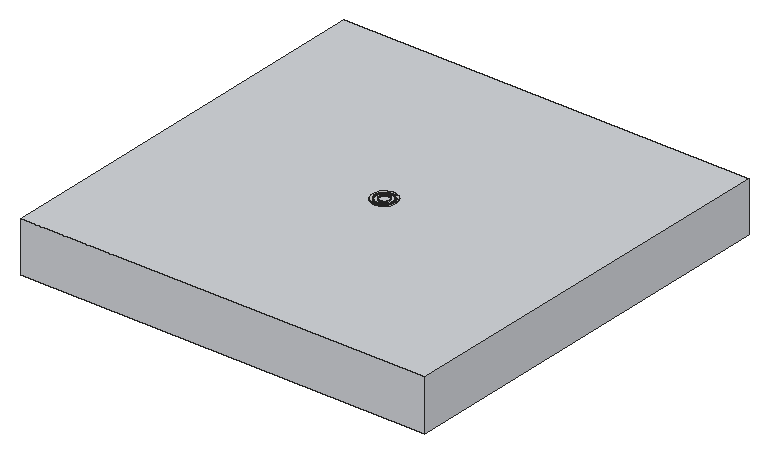
Revit family "LAMP_HANCE DOWNLIGHT RECESSED MEDIUM FLOOD 1000_2000 (DALI)", category Modelos genéricos, Revit 2015
Parameters (values of type "740LM 4000K 1000 BLACK")
  Weight = 0.72 kg
  Type = "COB PHILIPS"
  Tilting [instance] = if(Tilt < 0.00°, 180.00°, if(Tilt > 30.00°, 210.00°, Tilt + 180.00°))  # 180.00°
  Tilt [instance] = 0.00°
  Recessed diameter = 132 mm
  Protection rating = "IP20"
  Product datasheet = "http://www.lamp.es/product-files/TECH/HD1RE10MF840DBB-EN.pdf"
  Product code = "HD1RE10MF840DBB"
  Product URL = "https://www.lamp.es/en/family/hance-downlight_196363"
  Power Supply = "220-240V 50/60Hz"
  Power = 7 W
  Plum = 7.6 W
  Photometric web file = Cuerpo Hance BASE (tilting)_MF : 740LM 4000K 1000 BLACK
  Modelo = Product code  # "HD1RE10MF840DBB"
  Model explanation = "Availability of tilting between 0º and 30º when placed in a project."
  Material interior aro = LAMP_Aluminio Hance Negro
  Material aro = LAMP_Aluminio Hance Negro
  Manufacturer name = "LAMP"
  Manufacturer country = "Spain"
  Manufacturer URL = "http://www.lamp.es/en"
  MacAdam = "3"
  Luminaire type = "Indoor - Recessed downlight"
  Last update = "22/11/2019"
  Lamp = "COB LED"
  LED Lifetime = "50.000 L80 B10"
  Insulation class = "II"
  Installation instructions = "https://www.lamp.es/product-files/INS/1004410-B-INSTR.%20DE%20MONTAJE%20HANCE%20DOWNLIGHT.pdf"
  Initial intensity = 740 lm
  Initial color = 4000 K
  IEE = "A+"
  Gear = "Adjustable DALI"
  Finish = "Texturised black RAL 9011"
  Fabricante = Manufacturer name  # "LAMP"
  Default Elevation = 1219.2 mm
  Efficacy = 97.37 lm/W
  Diameter = 143 mm
  Descripción = "HANCE DOWN REC 1000 NW MFL DALI BK."
  Decorative ring [instance] = Aro decorativo (tilting) : Black
  Comentarios de tipo = Model explanation  # "Availability of tilting between 0º and 30º when placed in a project."
  CRI = "80"
Types (8, lengths in mm): name | Product datasheet | Product code | Power | Plum | Photometric web file | Modelo | Material aro | Initial intensity | Initial color | Finish | Efficacy | Descripción
  740LM 4000K 1000 BLACK | "http://www.lamp.es/product-files/TECH/HD1RE10MF840DBB-EN.pdf" | "HD1RE10MF840DBB" | 7 W | 7.6 W | Cuerpo Hance BASE (tilting)_MF : 740LM 4000K 1000 BLACK | "HD1RE10MF840DBB" | LAMP_Aluminio Hance Negro | 740 lm | 4000 K | "Texturised black RAL 9011" | 97.37 lm/W | "HANCE DOWN REC 1000 NW MFL DALI BK."
  740LM 4000K 1000 WHITE | "http://www.lamp.es/product-files/TECH/HD1RE10MF840DBW-EN.pdf" | "HD1RE10MF840DBW" | 7 W | 7.6 W | Cuerpo Hance BASE (tilting)_MF : 740LM 4000K 1000 WHITE | "HD1RE10MF840DBW" | LAMP_Aluminio Hance Blanco | 740 lm | 4000 K | "Texturised white RAL 9010" | 97.37 lm/W | "HANCE DOWN REC 1000 NW MFL DALI WH."
  806LM 3000K 1000 BLACK | "http://www.lamp.es/product-files/TECH/HD1RE10MF830DBB-EN.pdf" | "HD1RE10MF830DBB" | 7 W | 7.7 W | Cuerpo Hance BASE (tilting)_MF : 806LM 3000K 1000 BLACK | "HD1RE10MF830DBB" | LAMP_Aluminio Hance Negro | 806 lm | 3000 K | "Texturised black RAL 9011" | 104.71 lm/W | "HANCE DOWN REC 1000 WW MFL DALI BK."
  806LM 3000K 1000 WHITE | "http://www.lamp.es/product-files/TECH/HD1RE10MF830DBW-EN.pdf" | "HD1RE10MF830DBW" | 7 W | 7.7 W | Cuerpo Hance BASE (tilting)_MF : 806LM 3000K 1000 WHITE | "HD1RE10MF830DBW" | LAMP_Aluminio Hance Blanco | 806 lm | 3000 K | "Texturised white RAL 9010" | 104.71 lm/W | "HANCE DOWN REC 1000 WW MFL DALI WH."
  1606LM 4000K 2000 BLACK | "http://www.lamp.es/product-files/TECH/HD1RE20MF840DBB-EN.pdf" | "HD1RE20MF840DBB" | 18 W | 20.6 W | Cuerpo Hance BASE (tilting)_MF : 1606LM 4000K 2000 BLACK | "HD1RE20MF840DBB" | LAMP_Aluminio Hance Negro | 1606 lm | 4000 K | "Texturised black RAL 9011" | 77.96 lm/W | "HANCE DOWN REC 2000 NW MFL DALI BK."
  1606LM 4000K 2000 WHITE | "http://www.lamp.es/product-files/TECH/HD1RE20MF840DBW-EN.pdf" | "HD1RE20MF840DBW" | 18 W | 20.6 W | Cuerpo Hance BASE (tilting)_MF : 1606LM 4000K 2000 WHITE | "HD1RE20MF840DBW" | LAMP_Aluminio Hance Blanco | 1606 lm | 4000 K | "Texturised white RAL 9010" | 77.96 lm/W | "HANCE DOWN REC 2000 NW MFL DALI WH."
  1760LM 3000K 2000 BLACK | "http://www.lamp.es/product-files/TECH/HD1RE20MF830DBB-EN.pdf" | "HD1RE20MF830DBB" | 18 W | 20.7 W | Cuerpo Hance BASE (tilting)_MF : 1760LM 3000K 2000 BLACK | "HD1RE20MF830DBB" | LAMP_Aluminio Hance Negro | 1760 lm | 3000 K | "Texturised black RAL 9011" | 85.01 lm/W | "HANCE DOWN REC 2000 WW MFL DALI BK."
  1760LM 3000K 2000 WHITE | "http://www.lamp.es/product-files/TECH/HD1RE20MF830DBW-EN.pdf" | "HD1RE20MF830DBW" | 18 W | 20.7 W | Cuerpo Hance BASE (tilting)_MF : 1760LM 3000K 2000 WHITE | "HD1RE20MF830DBW" | LAMP_Aluminio Hance Blanco | 1760 lm | 3000 K | "Texturised white RAL 9010" | 85.01 lm/W | "HANCE DOWN REC 2000 WW MFL DALI WH."
Reference planes
  plane 1 "Centro (Frontal/Posterior)": y = 0
  plane 2: z = 0
  plane 3 "Centro (Izquierda/Derecha)": x = 0
Forms (mm)
  Extrusion 1, solid
    sketch origin (0, 0, 0) x (1, 0, 0) y (0, 1, 0)
      loop
        line (-1219.2, 1219.2) -> (-1219.2, -1219.2) -> (1219.2, -1219.2) -> (1219.2, 1219.2) -> (-1219.2, 1219.2)
    from 0 to -304.8
  Revolve 2, solid, material "LAMP_Aluminio Hance Negro" <- "Material aro"
    sketch origin (0, 0, 0) x (1, 0, 0) y (0, 0, 1)
      loop
        line (71.4, 0) -> (71.4, 1) -> (56.5, 1) -> (56.5, -70) -> (64.5, -70) -> (64.5, -69) -> (59, -69) -> (59, 0) -> (71.4, 0)
      axis (0, 1) -> (0, -70)
    angle from 0 to 360
  Revolve 3, solid, material "LAMP_Aluminio Hance Negro" <- "Material interior aro"
    sketch origin (0, 0, 0) x (1, 0, 0) y (0, 0, 1)
      loop
        arc (51.874, -0.646) -> (51.598, -1.016) -> (51.498, -1.466) r 1.1
        arc (51.498, -1.466) -> (49.354, -17.889) -> (43.277, -33.297) r 67.535
        arc (43.277, -33.297) -> (42.922, -33.665) -> (42.43, -33.8) r 0.965
        line (42.43, -33.8) -> (0, -33.8) -> (0, -34.8) -> (42.43, -34.8)
        arc (42.43, -34.8) -> (42.922, -34.665) -> (43.277, -34.297) r 0.965
        arc (43.277, -34.297) -> (49.354, -18.889) -> (51.498, -2.466) r 67.535
        arc (51.498, -2.466) -> (51.598, -2.016) -> (51.874, -1.646) r 1.1
        arc (51.874, -1.646) -> (53.912, -0.425) -> (56.25, 0) r 6.641
        line (56.25, 0) -> (56.25, 1)
        arc (56.25, 1) -> (53.912, 0.575) -> (51.874, -0.646) r 6.641
      axis (0, 1) -> (0, -34.8)
    angle from 0 to 360
  Extrusion 4, void
    sketch origin (0, 0, 0) x (1, 0, 0) y (0, 1, 0)
      loop
        line (7.1, 33.5) -> (-7.105, 33.5)
        arc (-7.105, 33.5) -> (-40.605, 0) -> (-7.105, -33.5) r 33.5
        line (-7.105, -33.5) -> (7.1, -33.5)
        arc (7.1, -33.5) -> (40.6, 0) -> (7.1, 33.5) r 33.5
    from -41.216 to -28.478
Cuts and joins
  Extrusion 4 cuts Revolve 3
Text (mm)
  text "Any modification of the parameters and properties of the LAMP BIM models must be executed and validated by the LAMP technical department.\n\nPhone: +34 93 736 68 00\n\nE-mail: lamp@lamp.es\n\n\n\nLAMP reserves the right to modify the technical specifications of its products." at (39771.841, -40794.867, 40621.237), in view "Preview"
Dimensions and locks
  aligned and locked: plane 2 to Extrusion 1
  aligned and locked: level to Extrusion 1
Nested families
  nested 1: "Cuerpo Hance BASE (tilting)_MF" at (0, 1.967, -41.662), type <- "Photometric web file", type "740LM 4000K 1000 BLACK"
    with Tilting 180.00°
  nested 2: "Aro decorativo (tilting)" at (-27.9, 0, -89.982), type <- "Decorative ring", type "Black"
    with Tilting 0.00°
Connectors
  electrical at (-16.363, 0, -133)
    settings: on nested 1, index 1, voltage 230 V, apparent load 0 VA, apparent load phase1 0 VA, apparent load phase2 0 VA, apparent load phase3 0 VA, power factor 1, load classification "Otro", number of poles 1, system type 31, power factor state 1, is connector primary yes, connector utility no, sub classification motor no, connector description ""
Definition of nested family "Cuerpo Hance BASE (tilting)_MF"
  Parameters (values of type "740LM 4000K 1000 BLACK")
    Tilting = 90.00°
    Photometric web file = Cuerpo Hance BASE_MF : 740LM 4000K 1000 BLACK
    Longitud cuerpo = 135 mm
    Default Elevation = 1219.2 mm
  Types (17, lengths in mm): name | Photometric web file
    (no name) | Cuerpo Hance BASE_MF : 740LM 4000K 1000 BLACK
    740LM 4000K 1000 BLACK | Cuerpo Hance BASE_MF : 740LM 4000K 1000 BLACK
    740LM 4000K 1000 WHITE | Cuerpo Hance BASE_MF : 740LM 4000K 1000 WHITE
    806LM 3000K 1000 BLACK | Cuerpo Hance BASE_MF : 806LM 3000K 1000 BLACK
    806LM 3000K 1000 WHITE | Cuerpo Hance BASE_MF : 806LM 3000K 1000 WHITE
    1606LM 4000K 2000 BLACK | Cuerpo Hance BASE_MF : 1606LM 4000K 2000 BLACK
    1606LM 4000K 2000 WHITE | Cuerpo Hance BASE_MF : 1606LM 4000K 2000 WHITE
    1760LM 3000K 2000 BLACK | Cuerpo Hance BASE_MF : 1760LM 3000K 2000 BLACK
    1760LM 3000K 2000 WHITE | Cuerpo Hance BASE_MF : 1760LM 3000K 2000 WHITE
    2744LM 4000K 3000 BLACK | Cuerpo Hance BASE_MF : 2744LM 4000K 3000 BLACK
    2744LM 4000K 3000 WHITE | Cuerpo Hance BASE_MF : 2744LM 4000K 3000 WHITE
    2816LM 3000K 3000 BLACK | Cuerpo Hance BASE_MF : 2816LM 3000K 3000 BLACK
    2816LM 3000K 3000 WHITE | Cuerpo Hance BASE_MF : 2816LM 3000K 3000 WHITE
    3724LM 3000K 4000 BLACK | Cuerpo Hance BASE_MF : 3724LM 3000K 4000 BLACK
    3724LM 3000K 4000 WHITE | Cuerpo Hance BASE_MF : 3724LM 3000K 4000 WHITE
    3875LM 4000K 4000 BLACK | Cuerpo Hance BASE_MF : 3875LM 4000K 4000 BLACK
    3875LM 4000K 4000 WHITE | Cuerpo Hance BASE_MF : 3875LM 4000K 4000 WHITE
  Reference planes
    plane 1 "Centro (Frontal/Posterior)": y = 0
    plane 2: z = 0
    plane 3 "Centro (Izquierda/Derecha)": x = 0
  Lines and regions (mm)
    reference lines
      curve 1: line (0, 0, 0) -> (200, 0, 0)
  Dimensions and locks
    "Tilting": angle plane 3 "Centro (Izquierda/Derecha)" to curve 1
    aligned and locked: level to plane 2
    aligned and locked: plane 3 "Centro (Izquierda/Derecha)" to curve 1
    aligned and locked: plane 2 to curve 1
  Nested families
    nested 1: "Cuerpo Hance BASE_MF" at (-50.338, -1.967, 27.875), type <- "Photometric web file", type "740LM 4000K 1000 BLACK"
  Definition of nested family "Cuerpo Hance BASE_MF"
    Parameters (values of type "740LM 4000K 1000 BLACK")
      Tilt Angle = 90.00° + Tilting  # 180.00°
      Wattage = 7.6 W
      Tilting = 90.00°
      built-in parameter 1150107 = 4000 (stored number, unit not read)
      Radio vacio posterior = Radio cuerpo - 2.2 mm  # 30.3 mm
      Radio vaciado = Radio cuerpo - 1.5 mm  # 31 mm
      Radio cuerpo = if(Longitud cuerpo = 210 mm, 45 mm, 32.5 mm)  # 32.5 mm
      built-in parameter 1150110 = 1 (stored number, unit not read)
      built-in parameter 1150109 = 1 (stored number, unit not read)
      built-in parameter 1150112 = 1 (stored number, unit not read)
      built-in parameter 1150113 = 1 (stored number, unit not read)
      built-in parameter 1114218 = 1 (stored number, unit not read)
      built-in parameter 1150137 = (empty or 0)
      built-in parameter 1150132 = 2
      Material reflector = none
      Material cuerpo = none
      Material COB = none
      Longitud cuerpo = 135 mm
      Long. origen luz = if(Longitud cuerpo = 135 mm, 20 mm, if(Longitud cuerpo = 170 mm, 55 mm, 90 mm))  # 20 mm
      L_3 = if(Ancho disipador posterior = 80.4 mm, 39.6 mm, 12 mm)  # 12 mm
      L_2 = if(Ancho disipador posterior = 80.4 mm, 36.3 mm, 22.6 mm)  # 22.6 mm
      L_1 = if(Ancho disipador posterior = 80.4 mm, 36.8 mm, 25.4 mm)  # 25.4 mm
      built-in parameter 1150105 = 2444 (stored number, unit not read)
      built-in parameter 1150102 = (empty or 0)
      built-in parameter 1150106 = 24.44 (stored number, unit not read)
      Lumens = 740.012 lm
      Color Filter = 16777215
      built-in parameter 1114217 = 1 (stored number, unit not read)
      built-in parameter 1150139 = (empty or 0)
      Default Elevation = 1219.2 mm
      built-in parameter 1150104 = 9.046 (stored number, unit not read)
      Diametro aro = if(Radio cuerpo = 45 mm, 42.9 mm, 30.4 mm)  # 30.4 mm
      built-in parameter 1150115 = 1 (stored number, unit not read)
      built-in parameter 1150114 = 1 (stored number, unit not read)
      built-in parameter 1150138 = (empty or 0)
      built-in parameter 1150134 = 12
      Dimming Lamp Color Temperature Shift = (empty or 0)
      Photometric Web File = "HD1RE10MF840NBB.IES"
      Ancho vaciado reflector = if(Radio cuerpo = 45 mm, 34.4 mm, 21.9 mm)  # 21.9 mm
      Ancho reflector = if(Radio cuerpo = 45 mm, 35.4 mm, 22.9 mm)  # 22.9 mm
      Ancho disipador posterior = if(Radio cuerpo = 32.5 mm, 53 mm, 80.4 mm)  # 53 mm
      built-in parameter 1150133 = 10 (stored number, unit not read)
      Altura disipador superior = if(Radio cuerpo = 45 mm, 23.9 mm, 36.9 mm)  # 36.9 mm
      Ancho disipador superior = if(Radio cuerpo = 45 mm, 28 mm, 22.6 mm)  # 22.6 mm
    Types (16, lengths in mm): name | Wattage | built-in parameter 1150107 | built-in parameter 1150105 | built-in parameter 1150106 | Lumens | built-in parameter 1150104 | built-in parameter 1150134 | Photometric Web File
      740LM 4000K 1000 BLACK | 7.6 W | 4000 (stored number, unit not read) | 2444 (stored number, unit not read) | 24.44 (stored number, unit not read) | 740.012 lm | 9.046 (stored number, unit not read) | 12 | "HD1RE10MF840NBB.IES"
      740LM 4000K 1000 WHITE | 7.6 W | 4000 (stored number, unit not read) | 2444 (stored number, unit not read) | 24.44 (stored number, unit not read) | 740.012 lm | 9.046 (stored number, unit not read) | 12 | "HD1RE10MF840NBW.IES"
      806LM 3000K 1000 BLACK | 7.7 W | 3000 (stored number, unit not read) | 2662.5 (stored number, unit not read) | 26.625 (stored number, unit not read) | 806.19 lm | 9.7269 (stored number, unit not read) | (empty or 0) | "HD1RE10MF830NBB.IES"
      806LM 3000K 1000 WHITE | 7.7 W | 3000 (stored number, unit not read) | 2662.5 (stored number, unit not read) | 26.625 (stored number, unit not read) | 806.19 lm | 9.7269 (stored number, unit not read) | (empty or 0) | "HD1RE10MF830NBW.IES"
      1606LM 4000K 2000 BLACK | 20.6 W | 4000 (stored number, unit not read) | 5303.9 (stored number, unit not read) | 53.039 (stored number, unit not read) | 1605.98 lm | 7.2427 (stored number, unit not read) | 12 | "HD1RE20MF840NBB.IES"
      1606LM 4000K 2000 WHITE | 20.6 W | 4000 (stored number, unit not read) | 5303.9 (stored number, unit not read) | 53.039 (stored number, unit not read) | 1605.98 lm | 7.2427 (stored number, unit not read) | 12 | "HD1RE20MF840NBW.IES"
      1760LM 3000K 2000 BLACK | 20.7 W | 3000 (stored number, unit not read) | 5818.7 (stored number, unit not read) | 58.187 (stored number, unit not read) | 1759.71 lm | 7.8977 (stored number, unit not read) | (empty or 0) | "HD1RE20MF830NBB.IES"
      1760LM 3000K 2000 WHITE | 20.7 W | 3000 (stored number, unit not read) | 5818.7 (stored number, unit not read) | 58.187 (stored number, unit not read) | 1759.71 lm | 7.8977 (stored number, unit not read) | (empty or 0) | "HD1RE20MF830NBW.IES"
      2744LM 4000K 3000 BLACK | 27.8 W | 4000 (stored number, unit not read) | 9073.9 (stored number, unit not read) | 90.739 (stored number, unit not read) | 2744.14 lm | 9.1705 (stored number, unit not read) | 12 | "HD1RE30MF840NBB.IES"
      2744LM 4000K 3000 WHITE | 27.8 W | 4000 (stored number, unit not read) | 9073.9 (stored number, unit not read) | 90.739 (stored number, unit not read) | 2744.14 lm | 9.1705 (stored number, unit not read) | 12 | "HD1RE30MF840NBW.IES"
      2816LM 3000K 3000 BLACK | 28.2 W | 3000 (stored number, unit not read) | 12461.1 (stored number, unit not read) | 124.61 (stored number, unit not read) | 2815.77 lm | 9.2764 (stored number, unit not read) | (empty or 0) | "HD1RE30MF830NBB.IES"
      2816LM 3000K 3000 WHITE | 28.2 W | 3000 (stored number, unit not read) | 12461.1 (stored number, unit not read) | 124.61 (stored number, unit not read) | 2815.77 lm | 9.2764 (stored number, unit not read) | (empty or 0) | "HD1RE30MF830NBW.IES"
      3724LM 3000K 4000 BLACK | 37.6 W | 3000 (stored number, unit not read) | 16481.7 (stored number, unit not read) | 164.82 (stored number, unit not read) | 3724.28 lm | 9.202 (stored number, unit not read) | (empty or 0) | "HD1RE40MF830NBB.IES"
      3724LM 3000K 4000 WHITE | 37.6 W | 3000 (stored number, unit not read) | 16481.7 (stored number, unit not read) | 164.82 (stored number, unit not read) | 3724.28 lm | 9.202 (stored number, unit not read) | (empty or 0) | "HD1RE40MF830NBW.IES"
      3875LM 4000K 4000 BLACK | 37.6 W | 4000 (stored number, unit not read) | 15793 (stored number, unit not read) | 157.93 (stored number, unit not read) | 3875.06 lm | 9.5746 (stored number, unit not read) | 12 | "HD1RE40MF840NBB.IES"
      3875LM 4000K 4000 WHITE | 37.6 W | 4000 (stored number, unit not read) | 15793 (stored number, unit not read) | 157.93 (stored number, unit not read) | 3875.06 lm | 9.5746 (stored number, unit not read) | 12 | "HD1RE40MF840NBW.IES"
    Reference planes
      plane 1 "Centro (Frontal/Posterior)": y = 0
      plane 2: z = 0
      plane 3 "Centro (Izquierda/Derecha)": x = 0
    Forms (mm)
      Extrusion 1, solid, material <- "Material cuerpo"
        sketch origin (0, 0, 0) x (0, -1, 0) y (0, 0, 1)
          loop
            circle (0, -27.875) r 32.5
        from -93 to 42
      Extrusion 2, void
        sketch origin (0, 0, 0) x (0, 1, 0) y (0, 0, 1)
          loop
            line (11.3, 30) -> (-11.3, 30) -> (-11.3, -6.9)
            arc (-11.3, -6.9) -> (0, -7.855) -> (11.3, -6.9) r 67.349
            line (11.3, -6.9) -> (11.3, 30)
        from -42 to 9.4
      Extrusion 3, void
        sketch origin (0, 0, 0) x (0, 1, 0) y (0, 0, 1)
          loop
            circle (0, -27.875) r 30.3
        from -42 to -41
      Extrusion 4, void
        sketch origin (0, 0, 0) x (0, 1, 0) y (0, 0, 1)
          loop
            line (26.5, -26.291) -> (-26.5, -26.291)
            arc (-26.5, -26.291) -> (-27.7, -27.491) -> (-26.5, -28.691) r 1.2
            line (-26.5, -28.691) -> (26.5, -28.691)
            arc (26.5, -28.691) -> (27.7, -27.491) -> (26.5, -26.291) r 1.2
          loop
            line (26.115, -30.891) -> (-26.115, -30.891)
            arc (-26.115, -30.891) -> (-27.315, -32.091) -> (-26.115, -33.291) r 1.2
            line (-26.115, -33.291) -> (26.115, -33.291)
            arc (26.115, -33.291) -> (27.315, -32.091) -> (26.115, -30.891) r 1.2
          loop
            line (25.4, -35.55) -> (-24.915, -35.55)
            arc (-24.915, -35.55) -> (-26.115, -36.75) -> (-24.915, -37.95) r 1.2
            line (-24.915, -37.95) -> (25.4, -37.95)
            arc (25.4, -37.95) -> (26.6, -36.75) -> (25.4, -35.55) r 1.2
          loop
            line (22.6, -40.091) -> (-22.64, -40.091)
            arc (-22.64, -40.091) -> (-23.84, -41.291) -> (-22.64, -42.491) r 1.2
            line (-22.64, -42.491) -> (22.6, -42.491)
            arc (22.6, -42.491) -> (23.8, -41.291) -> (22.6, -40.091) r 1.2
          loop
            line (19.043, -44.691) -> (-19.086, -44.691)
            arc (-19.086, -44.691) -> (-20.286, -45.891) -> (-19.086, -47.091) r 1.2
            line (-19.086, -47.091) -> (19.043, -47.091)
            arc (19.043, -47.091) -> (20.243, -45.891) -> (19.043, -44.691) r 1.2
          loop
            line (15.357, -49.291) -> (-15.5, -49.291)
            arc (-15.5, -49.291) -> (-16.6, -50.391) -> (-15.5, -51.491) r 1.1
            line (-15.5, -51.491) -> (15.357, -51.491)
            arc (15.357, -51.491) -> (16.457, -50.391) -> (15.357, -49.291) r 1.1
          loop
            line (6, -53.691) -> (-6, -53.691)
            arc (-6, -53.691) -> (-7.1, -54.791) -> (-6, -55.891) r 1.1
            line (-6, -55.891) -> (6, -55.891)
            arc (6, -55.891) -> (7.1, -54.791) -> (6, -53.691) r 1.1
        from -42 to -38.7
      Extrusion 5, void
        sketch origin (0, 0, 0) x (-1, 0, 0) y (0, -1, 0)
          loop
            line (37.7, -9.12) -> (37.7, 9.12)
            arc (37.7, 9.12) -> (36.6, 10.22) -> (35.5, 9.12) r 1.1
            line (35.5, 9.12) -> (35.5, -9.12)
            arc (35.5, -9.12) -> (36.6, -10.22) -> (37.7, -9.12) r 1.1
          loop
            line (28.9, -9.12) -> (28.9, 9.12)
            arc (28.9, 9.12) -> (27.8, 10.22) -> (26.7, 9.12) r 1.1
            line (26.7, 9.12) -> (26.7, -9.12)
            arc (26.7, -9.12) -> (27.8, -10.22) -> (28.9, -9.12) r 1.1
          loop
            line (20.1, -9.12) -> (20.1, 9.12)
            arc (20.1, 9.12) -> (19, 10.22) -> (17.9, 9.12) r 1.1
            line (17.9, 9.12) -> (17.9, -9.12)
            arc (17.9, -9.12) -> (19, -10.22) -> (20.1, -9.12) r 1.1
        from -51.491 to 30
      Extrusion 6, void
        sketch origin (0, 0, 0) x (-1, 0, 0) y (0, -1, 0)
          loop
            line (33.3, -9.12) -> (33.3, 9.12)
            arc (33.3, 9.12) -> (32.2, 10.22) -> (31.1, 9.12) r 1.1
            line (31.1, 9.12) -> (31.1, -9.12)
            arc (31.1, -9.12) -> (32.2, -10.22) -> (33.3, -9.12) r 1.1
          loop
            line (24.5, -9.12) -> (24.5, 9.12)
            arc (24.5, 9.12) -> (23.4, 10.22) -> (22.3, 9.12) r 1.1
            line (22.3, 9.12) -> (22.3, -9.12)
            arc (22.3, -9.12) -> (23.4, -10.22) -> (24.5, -9.12) r 1.1
        from -8.232 to 30
      Extrusion 7, void
        sketch origin (0, 0, 0) x (0, 1, 0) y (0, 0, 1)
          loop
            circle (0, -27.875) r 31
        from 17.213 to 93
      Revolve 8, solid, material <- "Material reflector"
        sketch origin (0, 0, 0) x (1, 0, 0) y (0, 0, 1)
          loop
            line (60.5, -27.875) -> (80.818, -27.875) -> (80.818, -4.975) -> (60.5, -19.875) -> (60.5, -27.875)
          axis (60.5, -27.875) -> (80.818, -27.875)
        angle from 0 to 360
      Revolve 9, void
        sketch origin (0, 0, 0) x (1, 0, 0) y (0, 0, 1)
          loop
            line (80.818, -5.975) -> (61.5, -20.142) -> (60.5, -20.142) -> (60.5, -27.875) -> (61.5, -27.875) -> (80.818, -27.875) -> (80.818, -5.975)
          axis (80.818, -27.875) -> (60.5, -27.875)
        angle from 0 to 360
      Extrusion 10, solid, material <- "Material COB"
        sketch origin (0, 0, 0) x (0, -1, 0) y (0, 0, 1)
          loop
            circle (0, -27.875) r 7.733
        from -61.5 to -60.5
    Cuts and joins
      Extrusion 2, Extrusion 3, Extrusion 4, Extrusion 5, Extrusion 6, Extrusion 7 cuts Extrusion 1
      Revolve 9 cuts Revolve 8
    Lines and regions (mm)
      reference lines
        curve 1: line (0, 0, 0) -> (178.042, 0, 0)
        curve 2: line (93, 0, -27.875) -> (113, 0, -27.875)
        curve 3: line (0, 0, 0) -> (0, 0, -75)
        curve 4: line (93, 0, -22.875) -> (93, 0, -32.875)
    Text (mm)
      text "Any modification of the parameters and properties of the LAMP BIM models must be executed and validated by the LAMP technical department.\n\nPhone: +34 93 736 68 00\n\nE-mail: lamp@lamp.es\n\n\n\nLAMP reserves the right to modify the technical specifications of its products." at (97482.136, -81600.41, 57308.082), in view "Preview"
    Dimensions and locks
      locked: Revolve 9 sketch curve to cut or joined group of Extrusion 1, Extrusion 2, Extrusion 3, Extrusion 4, Extrusion 5, Extrusion 6, Extrusion 7 at 12.182
      "Longitud cuerpo": cut or joined group of Extrusion 1, Extrusion 2, Extrusion 3, Extrusion 4, Extrusion 5, Extrusion 6, Extrusion 7 to cut or joined group of Extrusion 1, Extrusion 2, Extrusion 3, Extrusion 4, Extrusion 5, Extrusion 6, Extrusion 7
      locked: cut or joined group of Extrusion 1, Extrusion 2, Extrusion 3, Extrusion 4, Extrusion 5, Extrusion 6, Extrusion 7 to curve 3 at 42
      locked: cut or joined group of Revolve 8, Revolve 9 to cut or joined group of Extrusion 1, Extrusion 2, Extrusion 3, Extrusion 4, Extrusion 5, Extrusion 6, Extrusion 7 at 12.182
      locked: cut or joined group of Revolve 8, Revolve 9 to cut or joined group of Revolve 8, Revolve 9 at 20.318
      locked: cut or joined group of Extrusion 1, Extrusion 2, Extrusion 3, Extrusion 4, Extrusion 5, Extrusion 6, Extrusion 7 to Extrusion 10 at 31.5
      locked: Extrusion 10 to Extrusion 10 at 1
      "Long. origen luz": curve 4 to curve 2
      equal spacing: Extrusion 4 sketch curve, plane 1 "Centro (Frontal/Posterior)", Extrusion 4 sketch curve  (x2)
      "Ancho disipador posterior": Extrusion 4 sketch curve to Extrusion 4 sketch curve
      "L_1": Extrusion 4 sketch curve to plane 1 "Centro (Frontal/Posterior)"
      "L_2": Extrusion 4 sketch curve to curve 3
      "L_3": Extrusion 4 sketch curve to Extrusion 4 sketch curve
      equal spacing: Extrusion 2 sketch curve, plane 1 "Centro (Frontal/Posterior)", Extrusion 2 sketch curve
      "Ancho disipador superior": Extrusion 2 sketch curve to Extrusion 2 sketch curve
      "Altura disipador superior": Extrusion 2 sketch curve to Extrusion 2 sketch curve
      locked: plane 2 to Extrusion 2 sketch curve at 30
      "Ancho reflector": Revolve 8 sketch curve to imposter light
      "Ancho vaciado reflector": Revolve 9 sketch curve to imposter light
      "Radio cuerpo": radius of Extrusion 1 sketch curve
      "Radio vaciado": radius of Extrusion 7 sketch curve
      "Radio vacio posterior": radius of Extrusion 3 sketch curve
      "Tilting": angle plane 3 "Centro (Izquierda/Derecha)" to curve 1
      aligned and locked: level to plane 2
      aligned and locked: imposter light to curve 2  (x2)
      aligned and locked: cut or joined group of Extrusion 1, Extrusion 2, Extrusion 3, Extrusion 4, Extrusion 5, Extrusion 6, Extrusion 7 to cut or joined group of Extrusion 1, Extrusion 2, Extrusion 3, Extrusion 4, Extrusion 5, Extrusion 6, Extrusion 7
    Automatic sketch dimensions
      curve 1 to Extrusion 5 sketch curve = 17.9 mm
      Extrusion 5 sketch curve to Extrusion 5 sketch curve = 1.1 mm  (x3)
      Extrusion 5 sketch curve to Extrusion 5 sketch curve = 6.6 mm  (x2)
      Extrusion 5 sketch curve to curve 1 = 9.12 mm  (x2)
      Extrusion 5 sketch curve to Extrusion 5 sketch curve = 0 mm  (x3)
      curve 1 to Extrusion 5 sketch curve = 9.12 mm
      curve 1 to Extrusion 6 sketch curve = 22.3 mm
      Extrusion 6 sketch curve to Extrusion 6 sketch curve = 1.1 mm  (x2)
      Extrusion 6 sketch curve to Extrusion 6 sketch curve = 6.6 mm
      Extrusion 6 sketch curve to curve 1 = 9.12 mm
      Extrusion 6 sketch curve to Extrusion 6 sketch curve = 0 mm  (x2)
      curve 1 to Extrusion 6 sketch curve = 9.12 mm
      Extrusion 10 sketch curve to plane 1 "Centro (Frontal/Posterior)" = 0 mm
      Extrusion 1 sketch curve to plane 1 "Centro (Frontal/Posterior)" = 0 mm
      Extrusion 1 sketch curve to level = 27.875 mm
      Extrusion 2 sketch curve to plane 1 "Centro (Frontal/Posterior)" = 0 mm
      Extrusion 2 sketch curve to Extrusion 2 sketch curve = 29.494 mm
      Extrusion 3 sketch curve to plane 1 "Centro (Frontal/Posterior)" = 0 mm
      Extrusion 3 sketch curve to level = 27.875 mm
      Extrusion 4 sketch curve to Extrusion 4 sketch curve = 0.385 mm  (x2)
      Extrusion 4 sketch curve to Extrusion 4 sketch curve = 1.2 mm  (x6)
      Extrusion 4 sketch curve to Extrusion 4 sketch curve = 2.276 mm
      Extrusion 4 sketch curve to Extrusion 4 sketch curve = 3.554 mm
      Extrusion 4 sketch curve to Extrusion 4 sketch curve = 3.586 mm
      Extrusion 4 sketch curve to Extrusion 4 sketch curve = 9.357 mm
      Extrusion 4 sketch curve to Extrusion 4 sketch curve = 3.557 mm
      Extrusion 4 sketch curve to level = 55.891 mm
      Extrusion 4 sketch curve to Extrusion 4 sketch curve = 1.1 mm  (x2)
      Extrusion 4 sketch curve to Extrusion 4 sketch curve = 2.2 mm  (x4)
      Extrusion 4 sketch curve to Extrusion 4 sketch curve = 2.141 mm
      Extrusion 4 sketch curve to Extrusion 4 sketch curve = 2.259 mm
      Extrusion 7 sketch curve to plane 1 "Centro (Frontal/Posterior)" = 0 mm
      Extrusion 7 sketch curve to level = 27.875 mm
      curve 1 to Revolve 8 sketch curve = 19.875 mm
      curve 1 to Revolve 8 sketch curve = 60.5 mm
      Revolve 8 sketch curve to Revolve 8 sketch curve = 20.318 mm
      Revolve 8 sketch curve to Revolve 8 sketch curve = 8 mm
      Revolve 8 sketch curve to Revolve 8 sketch curve = 0 mm  (x2)
      Revolve 8 sketch curve to Revolve 8 sketch curve = 9.682 mm
      Revolve 9 sketch curve to Revolve 9 sketch curve = 19.318 mm
      Revolve 9 sketch curve to Revolve 9 sketch curve = 0 mm  (x3)
      Revolve 9 sketch curve to Revolve 9 sketch curve = 1 mm
      curve 1 to Revolve 9 sketch curve = 20.142 mm
      Revolve 9 sketch curve to Revolve 9 sketch curve = 7.733 mm
      Revolve 9 sketch curve to Revolve 9 sketch curve = 9.682 mm
      curve 1 to level = 0 mm
      curve 1 to plane 3 "Centro (Izquierda/Derecha)" = 0 mm
      curve 3 to curve 1 = 0 mm  (x2)
      curve 3 to curve 1 = 75 mm
      curve 1 to curve 4 = 32.875 mm
      curve 4 to curve 1 = 85.042 mm
      curve 4 to curve 2 = 5 mm
      curve 2 to curve 4 = 5 mm
      radius of Extrusion 10 sketch curve = 7.733 mm
Definition of nested family "Aro decorativo (tilting)"
  Parameters (values of type "Copper")
    Weight (3000/4000) = 0.016 kg
    Weight (1000/2000) = 0.01 kg
    Tilting = 90.00°
    Product datasheet = ""
    Product code (3000/4000) = "HSRI90C"
    Product code (1000/2000) = "HSRI65C"
    Product URL = ""
    Model = ""
    Material aro = none
    Manufacturer name = "LAMP"
    Manufacturer country = "Spain"
    Manufacturer URL = "http://www.lamp.es/en"
    Longitud = 63.6 mm
    Last update = "21/05/2018"
    Installation instructions = ""
    Finish = "Metalized matt copper"
    Manufacturer = Manufacturer name  # "LAMP"
    Default Elevation = 1219.2 mm
    Diameter (3000/4000) = 90 mm
    Diameter (1000/2000) = 65 mm
    Description = ""
    Accessory Type = "Optic"
    3000/4000 Model = "HSRI90C"
    3000/4000 Description = "HANCE 3000/4000 ACC. RING DECO CO."
    1000/2000 Model = "HSRI65C"
    1000/2000 Description = "HANCE 1000/2000 ACC. RING DECO CO."
  Types (5, lengths in mm): name | Product code (3000/4000) | Product code (1000/2000) | Finish | 3000/4000 Model | 3000/4000 Description | 1000/2000 Model | 1000/2000 Description
    (no name) | "HSRI90C" | "HSRI65C" | "Metalized matt copper" | "HSRI90C" | "HANCE 3000/4000 ACC. RING DECO CO." | "HSRI65C" | "HANCE 1000/2000 ACC. RING DECO CO."
    Black | "HSRI90B" | "HSRI65B" | "Matt black" | "HSRI90B" | "HANCE 3000/4000 ACC. RING DECO BK." | "HSRI65B" | "HANCE 1000/2000 ACC. RING DECO BK."
    Copper | "HSRI90C" | "HSRI65C" | "Metalized matt copper" | "HSRI90C" | "HANCE 3000/4000 ACC. RING DECO CO." | "HSRI65C" | "HANCE 1000/2000 ACC. RING DECO CO."
    Grey | "HSRI90M" | "HSRI65M" | "Metalized matt silver" | "HSRI90M" | "HANCE 3000/4000 ACC. RING DECO MET." | "HSRI65M" | "HANCE 1000/2000 ACC. RING DECO MET."
    White | "HSRI90W" | "HSRI65W" | "Matt White" | "HSRI90W" | "HANCE 3000/4000 ACC. RING DECO WH." | "HSRI65W" | "HANCE 1000/2000 ACC. RING DECO WH."
  Reference planes
    plane 1 "Centro (Frontal/Posterior)": y = 0
    plane 2: z = 0
    plane 3 "Centro (Izquierda/Derecha)": x = 0
  Lines and regions (mm)
    reference lines
      curve 1: line (0, 0, 0) -> (0, 0, -27.9)
      curve 2: line (0, 0, -27.9) -> (80.8, 0, -27.9)
  Text (mm)
    text "Any modification of the parameters and properties of the LAMP BIM models must be executed and validated by the LAMP technical department.\n\nPhone: +34 93 736 68 00\n\nE-mail: lamp@lamp.es\n\n\n\nLAMP reserves the right to modify the technical specifications of its products." at (86527.204, -96597.187, 50741.736), in view "Preview"
  Dimensions and locks
    "Tilting": angle curve 1 to plane 2
    aligned and locked: level to plane 2
    aligned and locked: plane 3 "Centro (Izquierda/Derecha)" to curve 1
    aligned and locked: plane 2 to curve 1
  Automatic sketch dimensions
    curve 2 to curve 1 = 0 mm
    curve 1 to curve 2 = 0 mm
    curve 1 to curve 2 = 80.8 mm
  Nested families
    nested 1: "Aro decorativo" at (17.2, 0, 0), type "Copper"
  Definition of nested family "Aro decorativo"
    Parameters (values of type "Copper")
      Weight (3000/4000) = 0.016 kg
      Weight (1000/2000) = 0.01 kg
      Product datasheet = ""
      Product code (3000/4000) = "HSRI90C"
      Product code (1000/2000) = "HSRI65C"
      Product URL = ""
      Model = ""
      Material aro = none
      Manufacturer name = "LAMP"
      Manufacturer country = "Spain"
      Manufacturer URL = "http://www.lamp.es/en"
      Longitud = 63.6 mm
      Last update = "21/05/2018"
      Installation instructions = ""
      Finish = "Metalized matt copper"
      Manufacturer = Manufacturer name  # "LAMP"
      Default Elevation = 1219.2 mm
      Diametro vaciado aro interior = if(Diametro aro interior = 35.4 mm, 34.4 mm, 21.9 mm)  # 21.9 mm
      Diametro vaciado aro exterior = if(Diametro aro exterior = 42.9 mm, 41.9 mm, 29.4 mm)  # 29.4 mm
      Diametro aro interior = if(Diametro aro exterior = 42.9 mm, 35.4 mm, 22.9 mm)  # 22.9 mm
      Diametro aro exterior = if(Longitud = 138.6 mm, 42.9 mm, 30.4 mm)  # 30.4 mm
      Diameter (3000/4000) = 90 mm
      Diameter (1000/2000) = 65 mm
      Description = ""
      Accessory Type = "Optic"
      3000/4000 Model = "HSRI90C"
      3000/4000 Description = "HANCE 3000/4000 ACC. RING DECO CO."
      1000/2000 Description = "HANCE 1000/2000 ACC. RING DECO CO."
      1000/2000 Model = "HSRI65C"
    Types (5, lengths in mm): name | Product code (3000/4000) | Product code (1000/2000) | Finish | 3000/4000 Model | 3000/4000 Description | 1000/2000 Description | 1000/2000 Model
      (no name) | "HSRI90C" | "HSRI65C" | "Metalized matt copper" | "HSRI90C" | "HANCE 3000/4000 ACC. RING DECO CO." | "HANCE 1000/2000 ACC. RING DECO CO." | "HSRI65C"
      Black | "HSRI90B" | "HSRI65B" | "Matt black" | "HSRI90B" | "HANCE 3000/4000 ACC. RING DECO BK." | "HANCE 1000/2000 ACC. RING DECO BK." | "HSRI65B"
      Copper | "HSRI90C" | "HSRI65C" | "Metalized matt copper" | "HSRI90C" | "HANCE 3000/4000 ACC. RING DECO CO." | "HANCE 1000/2000 ACC. RING DECO CO." | "HSRI65C"
      Grey | "HSRI90M" | "HSRI65M" | "Metalized matt silver" | "HSRI90M" | "HANCE 3000/4000 ACC. RING DECO MET." | "HANCE 1000/2000 ACC. RING DECO MET." | "HSRI65M"
      White | "HSRI90W" | "HSRI65W" | "Matt white" | "HSRI90W" | "HANCE 3000/4000 ACC. RING DECO WH." | "HANCE 1000/2000 ACC. RING DECO WH." | "HSRI65W"
    Reference planes
      plane 1 "Centro (Frontal/Posterior)": y = 0
      plane 2: z = 0
      plane 3 "Centro (Izquierda/Derecha)": x = 0
    Forms (mm)
      Revolve 1, solid, material <- "Material aro"
        sketch origin (0, 0, -27.9) x (1, 0, 0) y (0, 0, 1)
          loop
            line (63.6, 0) -> (73.782, 0) -> (73.782, 30.4) -> (63.6, 22.9) -> (63.6, 0)
          axis (73.782, 0) -> (63.6, 0)
        angle from 0 to 360
      Revolve 2, void
        sketch origin (0, 0, -27.9) x (1, 0, 0) y (0, 0, 1)
          loop
            line (73.782, 29.4) -> (63.6, 21.9) -> (63.6, 0) -> (73.782, 0) -> (73.782, 29.4)
          axis (63.6, 0) -> (73.782, 0)
        angle from 0 to 360
    Cuts and joins
      Revolve 2 cuts Revolve 1
    Lines and regions (mm)
      reference lines
        curve 1: line (0, 0, -27.9) -> (63.6, 0, -27.9)
    Text (mm)
      text "Any modification of the parameters and properties of the LAMP BIM models must be executed and validated by the LAMP technical department.\n\nPhone: +34 93 736 68 00\n\nE-mail: lamp@lamp.es\n\n\n\nLAMP reserves the right to modify the technical specifications of its products." at (91886.357, -93022.329, 47898.266), in view "Preview"
    Dimensions and locks
      "Diametro aro exterior": Revolve 1 sketch curve to Revolve 1 sketch curve
      "Diametro vaciado aro exterior": Revolve 2 sketch curve to Revolve 2 sketch curve
      "Longitud": curve 1 to plane 3 "Centro (Izquierda/Derecha)"
      "Diametro aro interior": Revolve 1 sketch curve to Revolve 1 sketch curve
      "Diametro vaciado aro interior": Revolve 2 sketch curve to Revolve 2 sketch curve
      aligned and locked: level to plane 2
    Automatic sketch dimensions
      Revolve 1 sketch curve to curve 1 = 0 mm  (x4)
      curve 1 to Revolve 1 sketch curve = 10.182 mm
      Revolve 1 sketch curve to Revolve 1 sketch curve = 0 mm
      Revolve 2 sketch curve to curve 1 = 0 mm  (x3)
      curve 1 to Revolve 2 sketch curve = 10.182 mm
      Revolve 2 sketch curve to curve 1 = 1261.008 mm
      Revolve 2 sketch curve to Revolve 2 sketch curve = 1898.983 mm
      curve 1 to plane 3 "Centro (Izquierda/Derecha)" = 0 mm
      curve 1 to level = 27.9 mm
